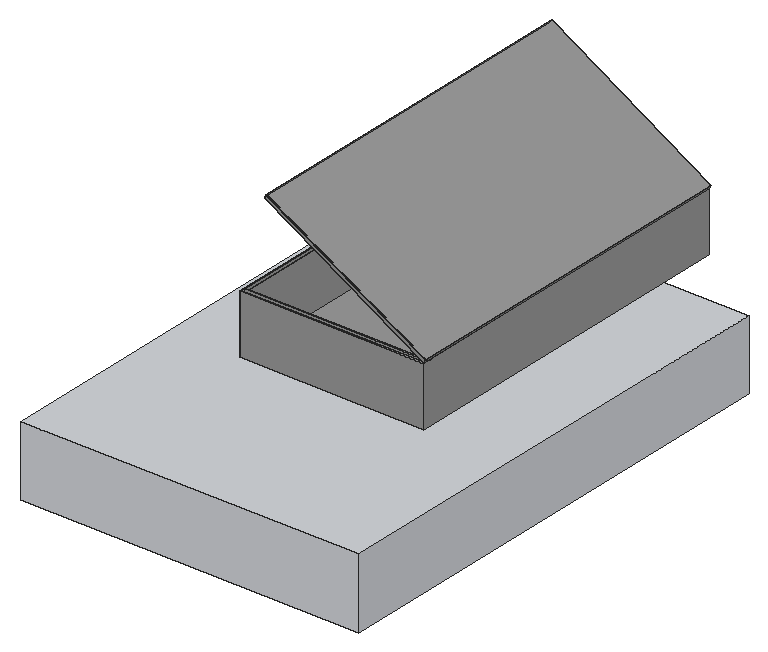
Revit family "Hager-Univers-IP55-D275-H1550-Cl.I-Steel_encl-SE-en", category Equipement électrique, Revit 2020
Family settings
  Hôte = Face
  Configuration du panneau = Deux colonnes, circuits au sein
  Cote de connecteur circulaire = Utiliser le diamètre
  Type d'élément = Tableau de raccordement
  Couper avec des vides une fois chargée = Non
  Partagée = Non
  Point de calcul de pièce = Non
Parameters (values of type "Surface mounted (plaster) IP55 W800 H1550 D275  - FR03E")
  Width Control [instance] = if([EF000008 - Width] > Min Width, [EF000008 - Width], Min Width)  # 800 mm
  Commentaires du type = [HG000003 - Range]  # "Univers"
  Thickness Door [instance] = if([EF009171 - Material plate thickness door/cover] > 3 mm, 3 mm, [EF009171 - Material plate thickness door/cover])  # 1.5 mm
  Seal Frame Offset [instance] = 17 mm  # constant formula
  Plinth Visibility [instance] = [HG000027 - Plinth height] > 0 mm  # no
  Model = ""
  Min Width [instance] = 100 mm  # constant formula
  Min Height [instance] = 100 mm  # constant formula
  Min Depth [instance] = (2 * [EF009170 - Material plate thickness cabinet]) + 1 mm  # 4 mm
  Internal Frame Depth [instance] = (Door System Depth * 0.5)  # 9 mm
  Height Control [instance] = if([EF000040 - Height] > Min Height, [EF000040 - Height], Min Height)  # 1550 mm
  HG000027 - Plinth height = 0 mm
  HG000026 - Floor standing = no
  HG000024 - Bottom section height = 800 mm
  HG000023 - Double section enclosure = no
  HG000016 - Door 3d visibility [instance] = yes
  HG000015 - Clearance visibility [instance] = no
  HG000014 - Door on the right [instance] = yes
  HG000013 - Door on the left [instance] = not([HG000014 - Door on the right])  # no
  HG000012 - Door swing angle [instance] = 30.00°
  HG000010 - Asymmetric doors = no
  HG000009 - Double swing door = no
  HG000006 - Flush mounted = no
  HG000004 - Manufacturer reference = "FR03E"
  HG000003 - Range = "Univers"
  HG000002 - With door or cover = yes
  Frame Offset Bottom [instance] = 10 mm  # constant formula
  Frame Offset [instance] = 15 mm  # constant formula
  EF015940 - Cover with overpressure release = no
  EF011959 - Degree of protection (NEMA) = ""
  EF009554 - Number of openings for flange plates = 6
  EF009212 - Cover model = "EV000116 - Closed"
  EF009171 - Material plate thickness door/cover = 1.5 mm
  EF009170 - Material plate thickness cabinet = 1.5 mm
  Fabricant = "Hager"  # constant formula
  EF008873 - Nominal current (In) = 800 A
  EF007800 - Suitable for lightning protection = no
  EF006306 - With lock = no
  EF006244 - Transparent cover/door = no
  EF005474 - Degree of protection (IP) = "EV006420 - IP55"
  EF004464 - Type of door = "EV002646 - Single"
  EF004427 - Number of modules = 360
  EF004293 - Impact strength = "EV008784 - IK10"
  EF003532 - Suitable for outdoor use = no
  EF002950 - Width in number of modular spacings = 24
  EF001613 - Circuit integrity = "EV000494 - None"
  EF001596 - Material housing = "EV000179 - Steel"
  EF001131 - Internal depth = 275 mm
  EF001088 - Extension possible = yes
  EF000437 - Number of conduit inlets = 6
  EF000339 - Type of cover = "EV004216 - Door"
  EF000266 - Number of rows = 10
  EF000218 - Built-in depth = 0 mm
  EF000118 - With mounting plate = no
  EF000116 - RAL-number = "7035"
  EF000049 - Depth = 275 mm
  EF000040 - Height = 1550 mm
  EF000008 - Width = 800 mm
  EF000007 - Colour = "EV000270 - Grey"
  EF000003 - Mounting method = "EV000384 - Surface mounted (plaster)"
  Door System Leaf Tolerance [instance] = 1.5 mm  # constant formula
  Door System Depth [instance] = 18 mm  # constant formula
  Door Height [instance] = Height Control - [HG000027 - Plinth height]  # 1550 mm
  Depth Control [instance] = if([EF000049 - Depth] > Min Depth, [EF000049 - Depth], Min Depth)  # 275 mm
  Default Elevation = 0 mm
  Connector Offset [instance] = Height Control / 2  # 775 mm
  Bottom Top Plate Trim [instance] = 1.5 mm  # constant formula
  Plinth height Ctrl [instance] = if([HG000027 - Plinth height] > 0 mm, [HG000027 - Plinth height], 12 mm)  # 12 mm
Types (5, lengths in mm): name | Width Control | HG000010 - Asymmetric doors | HG000009 - Double swing door | HG000004 - Manufacturer reference | EF009554 - Number of openings for flange plates | EF004464 - Type of door | EF004427 - Number of modules | EF000437 - Number of conduit inlets | EF000008 - Width
  Surface mounted (plaster) IP55 W1050 H1550 D275  - FR04E | 1050 | no | yes | "FR04E" | 8 | "EV003602 - Double" | 480 | 8 | 1050
  Surface mounted (plaster) IP55 W1300 H1550 D275  - FR05E | 1300 | yes | yes | "FR05E" | 10 | "EV003602 - Double" | 600 | 10 | 1300
  Surface mounted (plaster) IP55 W300 H1550 D275  - FR01E | 300 | no | no | "FR01E" | 2 | "EV002646 - Single" | 120 | 2 | 300
  Surface mounted (plaster) IP55 W550 H1550 D275  - FR02E | 550 | no | no | "FR02E" | 4 | "EV002646 - Single" | 240 | 4 | 550
  Surface mounted (plaster) IP55 W800 H1550 D275  - FR03E | 800 | no | no | "FR03E" | 6 | "EV002646 - Single" | 360 | 6 | 800
Reference planes
  plane 1 "Center (Front/Back)": y = 0
  plane 2: z = 0
  plane 3 "Center (Left/Right)": x = 0
  plane 4: z = 275
  plane 5: y = 1.5
  plane 6: y = 775
  plane 7: y = 0
  plane 8: y = 1550
  plane 9: z = 0
  plane 10: x = -385
  plane 11: x = 385
  plane 12: x = 383.5
  plane 13: x = -383.5
  plane 14: y = 1548.5
  plane 15: x = -383
  plane 16: x = -400
  plane 17: x = 383
  plane 18: x = 400
  plane 19: x = 398.5
  plane 20: x = -398.5
  plane 21: y = 11.5
  plane 22: y = 1550
  plane 23: y = 1533.5
  plane 24: z = 257
  plane 25: z = 1.5
  plane 26: z = 255.5
  plane 27: z = 273.5
Forms (mm)
  Extrusion 1, solid
    sketch origin (0, 0, 0) x (1, 0, 0) y (0, 1, 0)
      loop
        line (-702.964, 1305) -> (-702.964, -811.445) -> (766.763, -811.445) -> (766.763, 1305) -> (-702.964, 1305)
    from 0 to -304.8
  Extrusion 2, solid, material "Hager_Steel_RAL7035_Light_Grey", visible <- "Plinth Visibility", detail levels medium+fine
    sketch origin (0, 0, 0) x (1, 0, 0) y (0, 1, 0)
      loop
        line (-400, 0) -> (400, 0) -> (400, 12) -> (-400, 12) -> (-400, 0)
    from 0 to 257
  Extrusion 3, solid, material "Hager_Steel_RAL7035_Light_Grey", detail levels medium+fine
    sketch origin (0, 0, 0) x (1, 0, 0) y (0, 1, 0)
      loop
        line (-400, 0) -> (400, 0) -> (400, 1550) -> (-400, 1550) -> (-400, 0)
    from 0 to 257
  Extrusion 4, void
    sketch origin (0, 0, 0) x (1, 0, 0) y (0, 1, 0)
      loop
        line (-398.5, 1.5) -> (398.5, 1.5) -> (398.5, 1548.5) -> (-398.5, 1548.5) -> (-398.5, 1.5)
    from 1.5 to 255.5
  Extrusion 5, void
    sketch origin (-381.607, -4572, 257) x (0, -1, 0) y (-1, 0, 0)
      loop
        line (-4583.5, 1.893) -> (-6105.5, 1.893) -> (-6105.5, -765.107) -> (-4583.5, -765.107) -> (-4583.5, 1.893)
    from 0 to 1.5 <- "EF009170 - Material plate thickness cabinet"
  Extrusion 6, solid, material "Hager_Steel_RAL7035_Light_Grey", detail levels fine
    sketch origin (0, 0, 257) x (1, 0, 0) y (0, 1, 0)
      loop
        line (-383.5, 1533.5) -> (-383.5, 11.5) -> (383.5, 11.5) -> (383.5, 1533.5) -> (-383.5, 1533.5)
      loop
        line (-385, 10) -> (385, 10) -> (385, 1535) -> (-385, 1535) -> (-385, 10)
    from 0 to 9 <- "Internal Frame Depth"
  Extrusion 7, solid, material "Hager_Steel_RAL7035_Light_Grey", detail levels coarse
    sketch origin (0, 0, 0) x (1, 0, 0) y (0, 1, 0)
      loop
        line (-400, 0) -> (400, 0) -> (400, 1550) -> (-400, 1550) -> (-400, 0)
    from 0 to 275
  Sweep 8, void
    path in 3D
      loop
        line (-400, 12, 0) -> (400, 12, 0) -> (400, 12, 257) -> (-400, 12, 257) -> (-400, 12, 0)
    profile origin (-400, 12, 128.5) x (-1, 0, 0) y (0, -1, 0)
      loop
        line (0, 0) -> (0, 1.5) -> (-1.5, 1.5)
        arc (-1.5, 1.5) -> (-1.061, 0.439) -> (0, 0) r 1.5
Cuts and joins
  Extrusion 4, Extrusion 5 cuts Extrusion 3
  Sweep 8 cuts Extrusion 2
Lines and regions (mm)
  Masking region 1
    outline origin (0, 0, 0) x (1, 0, 0) y (0, 0, 1)
      loop
        line (-400, 275) -> (-400, 0) -> (400, 0) -> (400, 275) -> (-400, 275)
  Masking region 2, detail levels medium+fine
    outline origin (0, 140, 0) x (0, 1, 0) y (0, 0, 1)
      loop
        line (-140, 0) -> (1410, 0) -> (1410, 257) -> (-140, 257) -> (-140, 0)
  Masking region 3, not visible, detail levels medium+fine
    outline origin (0, 297.922, 0) x (0, 1, 0) y (0, 0, 1)
      loop
        line (488.578, 0) -> (528.578, 0) -> (528.578, 263.5)
        arc (528.578, 263.5) -> (525.649, 270.571) -> (518.578, 273.5) r 10
        line (518.578, 273.5) -> (488.578, 273.5) -> (488.578, 0)
  Masking region 4, detail levels coarse
    outline origin (0, 0, 180) x (0, 1, 0) y (0, 0, 1)
      loop
        line (0, -180) -> (1550, -180) -> (1550, 95) -> (0, 95) -> (0, -180)
  Masking region 5, visible <- "Plinth Visibility", detail levels medium+fine
    outline origin (0, 52.24, 12.345) x (0, 0, -1) y (0, 1, 0)
      loop
        line (10.845, -40.24) -> (-243.155, -40.24)
        arc (-243.155, -40.24) -> (-243.594, -41.301) -> (-244.655, -41.74) r 1.5
        line (-244.655, -41.74) -> (-244.655, -52.24) -> (12.345, -52.24) -> (12.345, -41.74)
        arc (12.345, -41.74) -> (11.285, -41.301) -> (10.845, -40.24) r 1.5
  Masking region 6, detail levels medium+fine
    outline origin (-381.607, -4572, 257) x (-1, 0, 0) y (0, -1, 0)
      loop
        line (18.393, -6122) -> (18.393, -4572) -> (-781.607, -4572) -> (-781.607, -6122) -> (18.393, -6122)
  Masking region 7, visible <- "Plinth Visibility", detail levels medium+fine
    outline origin (-381.607, -4727, 257) x (-1, 0, 0) y (0, -1, 0)
      loop
        arc (16.893, -4739) -> (17.332, -4737.939) -> (18.393, -4737.5) r 1.5
        line (18.393, -4737.5) -> (18.393, -4727) -> (-781.607, -4727) -> (-781.607, -4737.5)
        arc (-781.607, -4737.5) -> (-780.546, -4737.939) -> (-780.107, -4739) r 1.5
        line (-780.107, -4739) -> (16.893, -4739)
  Masking region 8, detail levels coarse
    outline origin (-442.548, -4669.526, 257) x (-1, 0, 0) y (0, -1, 0)
      loop
        line (-42.548, -6219.526) -> (-42.548, -4669.526) -> (-842.548, -4669.526) -> (-842.548, -6219.526) -> (-42.548, -6219.526)
  sketch lines
    curve 1: line (-400, 12, 257) -> (-400, 12, 0)
    curve 2: line (400, 12, 257) -> (-400, 12, 257)
    curve 3: line (400, 12, 257) -> (400, 12, 0)
    curve 4: line (-400, 12, 0) -> (400, 12, 0)
Dimensions and locks
  "Depth Control": plane 4 to Extrusion 1
  "HG000027 - Plinth height": plane 1 "Center (Front/Back)" to plane 7
  "EF009170 - Material plate thickness cabinet": plane 5 to plane 7
  locked: connector elem to plane 3 "Center (Left/Right)"
  equal spacing: plane 8, plane 6, plane 7
  locked: connector elem to plane 6
  "EF009170 - Material plate thickness cabinet": plane 8 to plane 14
  "EF009170 - Material plate thickness cabinet": plane 10 to plane 13
  "EF009170 - Material plate thickness cabinet": plane 12 to plane 11
  "Frame Offset": plane 20 to plane 13
  "Frame Offset": plane 12 to plane 19
  "EF009170 - Material plate thickness cabinet": plane 16 to plane 20
  "EF009170 - Material plate thickness cabinet": plane 19 to plane 18
  "Seal Frame Offset": plane 16 to plane 15
  "Seal Frame Offset": plane 17 to plane 18
  "Frame Offset Bottom": plane 21 to plane 5
  "Frame Offset": plane 14 to plane 23
  equal spacing: plane 16, plane 3 "Center (Left/Right)", plane 18
  "Width Control": plane 16 to plane 18
  "EF009170 - Material plate thickness cabinet": plane 4 to plane 27
  "EF009170 - Material plate thickness cabinet": plane 24 to plane 26
  "EF009170 - Material plate thickness cabinet": plane 25 to level
  "Door System Depth": plane 4 to plane 24
  "Height Control": plane 1 "Center (Front/Back)" to Extrusion 7 sketch curve
  "Height Control": Masking region 4 sketch curve to plane 1 "Center (Front/Back)"
  "Height Control": plane 1 "Center (Front/Back)" to plane 22
  "Bottom Top Plate Trim": profile plane to Sweep 8 sketch curve
  "Bottom Top Plate Trim": Sweep 8 sketch curve to profile plane
  "Plinth height Ctrl": plane 1 "Center (Front/Back)" to Extrusion 2 sketch curve
  "Plinth height Ctrl": Masking region 5 sketch curve to plane 1 "Center (Front/Back)"
  "Plinth height Ctrl": plane 1 "Center (Front/Back)" to Masking region 7 sketch curve
  "Thickness Door": Extrusion 6 sketch curve to Extrusion 6 sketch curve  (x3)
  "Thickness Door": cut or joined group of Extrusion 3, Extrusion 4, Extrusion 5 to Extrusion 6 sketch curve
  radius of Masking region 3 sketch curve = 10 mm
  "Bottom Top Plate Trim": radius of Masking region 5 sketch curve  (x2)
  "Bottom Top Plate Trim": radius of Sweep 8 sketch curve
  "Bottom Top Plate Trim": radius of Masking region 7 sketch curve  (x2)
  aligned and locked: plane 2 to Extrusion 1
  aligned and locked: level to Extrusion 1
  aligned and locked: level to Masking region 1 sketch curve
  aligned and locked: Masking region 1 sketch curve to plane 18
  aligned and locked: Masking region 1 sketch curve to plane 16
  aligned and locked: plane 7 to Masking region 2 sketch curve
  aligned and locked: level to Masking region 3 sketch curve
  aligned and locked: Masking region 3 sketch curve to plane 27
  aligned and locked: level to Masking region 2 sketch curve
  aligned and locked: plane 1 "Center (Front/Back)" to Extrusion 2 sketch curve
  aligned and locked: Extrusion 3 sketch curve to plane 7
  aligned and locked: plane 16 to Extrusion 3 sketch curve
  aligned and locked: plane 18 to Extrusion 3 sketch curve
  aligned and locked: plane 20 to Extrusion 4 sketch curve
  aligned and locked: plane 19 to Extrusion 4 sketch curve
  aligned and locked: Extrusion 4 sketch curve to plane 5
  aligned and locked: Extrusion 4 to plane 25
  aligned and locked: plane 26 to Extrusion 4
  aligned and locked: plane 24 to Extrusion 3
  aligned and locked: Extrusion 5 sketch curve to plane 21
  aligned and locked: Extrusion 5 sketch curve to plane 13
  aligned and locked: Extrusion 5 sketch curve to plane 12
  aligned and locked: plane 18 to Extrusion 7 sketch curve
  aligned and locked: plane 1 "Center (Front/Back)" to Extrusion 7 sketch curve
  aligned and locked: plane 16 to Extrusion 7 sketch curve
  aligned and locked: plane 4 to Extrusion 7
  aligned and locked: Extrusion 7 to level
  aligned and locked: level to Masking region 4 sketch curve
  aligned and locked: Masking region 4 sketch curve to plane 1 "Center (Front/Back)"
  aligned and locked: Masking region 4 sketch curve to plane 4
  aligned and locked: nested 1 to level
  aligned and locked: nested 1 to plane 16
  aligned and locked: plane 8 to Extrusion 3 sketch curve
  aligned and locked: plane 23 to Extrusion 5 sketch curve
  aligned and locked: plane 14 to Extrusion 4 sketch curve
  aligned and locked: Masking region 2 sketch curve to plane 8
  aligned and locked: level to Masking region 5 sketch curve
  aligned and locked: plane 16 to Extrusion 2 sketch curve
  aligned and locked: plane 18 to Extrusion 2 sketch curve
  aligned and locked: Masking region 5 sketch curve to plane 24
  aligned and locked: Masking region 2 sketch curve to plane 24
  aligned and locked: plane 24 to Extrusion 2
  aligned and locked: profile plane to Sweep 8 sketch curve  (x2)
  aligned and locked: Masking region 6 sketch curve to plane 18
  aligned and locked: Masking region 6 sketch curve to plane 22
  aligned and locked: Masking region 6 sketch curve to plane 16
  aligned and locked: plane 8 to plane 22
  aligned and locked: Masking region 6 sketch curve to plane 7
  aligned and locked: Masking region 7 sketch curve to plane 16
  aligned and locked: Masking region 7 sketch curve to plane 1 "Center (Front/Back)"
  aligned and locked: Masking region 7 sketch curve to plane 18
  aligned and locked: Masking region 8 sketch curve to plane 1 "Center (Front/Back)"
  aligned and locked: Masking region 8 sketch curve to plane 18
  aligned and locked: Masking region 8 sketch curve to plane 22
  aligned and locked: Masking region 8 sketch curve to plane 16
  aligned and locked: nested 2 to plane 7
  aligned and locked: plane 3 "Center (Left/Right)" to nested 2
  aligned and locked: nested 2 to plane 24
  aligned and locked: Extrusion 6 sketch curve to cut or joined group of Extrusion 3, Extrusion 4, Extrusion 5  (x4)
Automatic sketch dimensions
  Extrusion 1 sketch curve to Extrusion 1 sketch curve = 1469.727 mm
  Extrusion 1 sketch curve to Extrusion 1 sketch curve = 2116.445 mm
  Masking region 1 sketch curve to plane 4 = 0 mm
  plane 6 to Masking region 3 sketch curve = 11.5 mm
  Masking region 3 sketch curve to Masking region 3 sketch curve = 30 mm
  Masking region 5 sketch curve to plane 1 "Center (Front/Back)" = 0 mm
Nested families
  nested 1: "Hager_Enclosure_Symbol" at (-400, 0, 0) x (1, 0, 0) z (0, -1, 0), Height <- "Depth Control", Width <- "Width Control", type "Hager_Enclosure_Symbol"
    with Width_Ctrl 800 mm, Width 800 mm, Height_Ctrl 275 mm, Height 275 mm, A_Width_Int 18.047 mm, A_Width 216.562 mm, A_Height_Ctrl 240.625 mm, A_Height 240.625 mm
  nested 2: "EC000058_Univers_Door" at (0, 0, 257) x (1, 0, 0) z (0, 1, 0), Leaf_Tolerance <- "Door System Leaf Tolerance", Angle <- "HG000012 - Door swing angle", Door_Depth <- "Door System Depth", Door_Left <- "HG000013 - Door on the left", Transparent <- "EF006244 - Transparent cover/door", Assymetrical <- "HG000010 - Asymmetric doors", Width <- "Width Control", Clearance <- "HG000015 - Clearance visibility", Double <- "HG000009 - Double swing door", 3d_Door <- "HG000016 - Door 3d visibility", Lock_Visibility <- "EF006306 - With lock", Width_Ctrl <- "Width Control", Door_Right <- "HG000014 - Door on the right", Door <- "HG000002 - With door or cover", Height <- "Door Height", Thickness <- "Thickness Door", type "EC000058_Univers_Door", detail levels medium+fine
    with min_wh 4 mm, Width_Ctrl 800 mm, Width 800 mm, Transparent no, Thickness 1.5 mm, Seal_Material Hager_Rubber, Lock_Visibility no, Lock_Material Hager_Plastic_RAL9005_Jet_Black, Leaf_Width 800 mm, Leaf_Tolerance_External_Sides 0 mm, Leaf_Tolerance 1.5 mm, Leaf_Offset 0 mm, Leaf_Height 1547 mm, Leaf_2_Width 800 mm, Leaf_2_Offset 400 mm, Leaf_1_Width 800 mm, Leaf_1_Offset 400 mm, Height_Ctrl 1550 mm, Height 1550 mm, Glass_Material Hager_Glass, Double_Clearance_Ctrl no, Double no, Door_Right_Ctrl yes, Door_Right yes, Door_Material Hager_Steel_RAL7035_Light_Grey, Door_Left_Ctrl no, Door_Left no, Door_Depth 18 mm, Door yes, Clearance_Material Hager_Clearance, Clearance_Depth 800 mm, Clearance_Ctrl no, Clearance no, Assymetrical no, Angle 30.00°, 3d_Door yes
Connectors
  electrical at (0, 775, 0)
    settings: on plane 9, index 1, voltage 0 V, apparent load 0 VA, apparent load phase1 0 VA, apparent load phase2 0 VA, apparent load phase3 0 VA, power factor 1, load classification "Other", number of poles 1, system type 30, power factor state 1, is connector primary yes, connector utility no, sub classification motor no, connector description ""
Definition of nested family "EC000058_Univers_Door"
  Parameters (values of type "EC000058_Univers_Door")
    min_wh [instance] = (2 * Thickness) + 1 mm  # 11 mm
    Width_Ctrl [instance] = 400 mm
    Width [instance] = 500 mm
    Transparent [instance] = yes
    Thickness [instance] = 5 mm
    Seal_Material [instance] = none
    Lock_Visibility [instance] = yes
    Lock_Material [instance] = none
    Leaf_Width [instance] = if((Width_Ctrl - 2 * Leaf_Tolerance_External_Sides) > 0 mm, (Width_Ctrl - 2 * Leaf_Tolerance_External_Sides), min_wh)  # 400 mm
    Leaf_Tolerance_External_Sides [instance] = 0 mm  # constant formula
    Leaf_Tolerance [instance] = 1.5 mm
    Leaf_Offset [instance] = 0 mm  # constant formula
    Leaf_Height [instance] = if((Height_Ctrl - 2 * Leaf_Tolerance) > 0 mm, (Height_Ctrl - 2 * Leaf_Tolerance), min_wh)  # 497 mm
    Leaf_2_Width [instance] = if(and(and(Double, Assymetrical), Door_Left), (Leaf_Width / 3) - (Leaf_Tolerance / 2), if(and(and(Double, Assymetrical), Door_Right), (Leaf_Width / 3) * 2 - (Leaf_Tolerance / 2), if(and(Double, not(Assymetrical)), (Leaf_Width / 2) - Leaf_Tolerance, Leaf_Width)))  # 400 mm
    Leaf_2_Offset [instance] = if(and(Double, Assymetrical), Leaf_2_Width / 2, if(and(Double, not(Assymetrical)), Leaf_Width / 4, Leaf_Width / 2))  # 200 mm
    Leaf_1_Width [instance] = if(and(and(Double, Assymetrical), Door_Right), (Leaf_Width / 3) - (Leaf_Tolerance / 2), if(and(and(Double, Assymetrical), Door_Left), (Width / 3) * 2 - (Leaf_Tolerance / 2), if(and(Double, not(Assymetrical)), (Leaf_Width / 2) - Leaf_Tolerance, Leaf_Width)))  # 400 mm
    Leaf_1_Offset [instance] = if(and(Double, Assymetrical), Leaf_1_Width / 2, if(and(Double, not(Assymetrical)), Leaf_Width / 4, Leaf_Width / 2))  # 200 mm
    Height_Ctrl [instance] = if(Height > min_wh, Height, min_wh)  # 500 mm
    Height [instance] = 500 mm
    Glass_Material [instance] = none
    Double_Clearance_Ctrl [instance] = and(Double, Clearance)  # no
    Double [instance] = no
    Door_Right_Ctrl [instance] = and(or(Door_Right, Double), Door)  # yes
    Door_Right [instance] = yes
    Door_Material [instance] = none
    Door_Left_Ctrl [instance] = and(or(Door_Left, Double), Door)  # no
    Door_Left [instance] = no
    Door_Depth [instance] = 30 mm
    Door [instance] = yes
    Default Elevation = 1219.2 mm
    Clearance_Material [instance] = none
    Clearance_Depth [instance] = if(Leaf_1_Width > Leaf_2_Width, Leaf_1_Width, Leaf_2_Width)  # 400 mm
    Clearance_Ctrl [instance] = and(not(Double), Clearance)  # yes
    Clearance [instance] = yes
    Assymetrical [instance] = yes
    Angle [instance] = 30.00°
    3d_Door [instance] = yes
  Reference planes
    plane 1 "Center (Front/Back)": y = 0
    plane 2 "Bottom": z = 0
    plane 3 "Center (Left/Right)": x = 0
    plane 4: z = 500
    plane 5: x = -200
    plane 6: x = 200
    plane 7: z = 500
    plane 8: x = -200
    plane 9: z = 0
    plane 10: x = 200
    plane 11: y = 0
    plane 12: z = 1.5
    plane 13: x = -600
    plane 14: y = -400
    plane 15: x = 600
    plane 16: x = 0
    plane 17: x = 0
    plane 18: x = -200
    plane 19: x = 200
    plane 20: z = 498.5
  Forms (mm)
    Extrusion 1, solid, material <- "Clearance_Material", visible <- "Double_Clearance_Ctrl"
      sketch origin (1200, 0, 0) x (1, 0, 0) y (0, 0, -1)
        loop
          line (-1800, -498.5) -> (-600, -498.5) -> (-600, 0) -> (-1800, 0) -> (-1800, -498.5)
      from 0 to -400
  Dimensions and locks
    equal spacing: plane 5, plane 3 "Center (Left/Right)", plane 6
    "Width_Ctrl": plane 5 to plane 6
    "Leaf_Offset": plane 5 to plane 8
    "Leaf_Offset": plane 6 to plane 10
    "Leaf_Offset": plane 9 to level
    "Leaf_Offset": plane 4 to plane 7
    "Height_Ctrl": plane 4 to level
    "Leaf_Tolerance": plane 12 to plane 9
    locked: plane 11 to plane 1 "Center (Front/Back)"
    "Leaf_1_Offset": plane 18 to plane 16
    "Leaf_2_Offset": plane 17 to plane 19
    "Leaf_1_Width": plane 13 to plane 8
    "Leaf_2_Width": plane 10 to plane 15
    "Clearance_Depth": plane 14 to plane 1 "Center (Front/Back)"
    "Leaf_Tolerance_External_Sides": plane 8 to plane 18
    "Leaf_Tolerance_External_Sides": plane 19 to plane 10
    "Leaf_Tolerance": plane 7 to plane 20
    aligned and locked: level to plane 2 "Bottom"
    aligned and locked: nested 1 to plane 16
    aligned and locked: nested 2 to plane 17
    aligned and locked: Extrusion 1 to plane 13
    aligned and locked: plane 15 to Extrusion 1
    aligned and locked: Extrusion 1 to plane 14
    aligned and locked: plane 12 to nested 1
    aligned and locked: nested 2 to plane 12
    aligned and locked: Extrusion 1 to plane 11
    aligned and locked: plane 20 to Extrusion 1
    aligned and locked: nested 2 to plane 11
    aligned and locked: nested 1 to plane 11
  Automatic sketch dimensions
    Extrusion 1 sketch curve to level = 0 mm
    plane 5 to Extrusion 1 sketch curve = 400 mm
    plane 6 to Extrusion 1 sketch curve = 400 mm
    Extrusion 1 sketch curve to plane 4 = 1.5 mm
  Nested families
    nested 1: "EC000058_Univers_Door_Leaf" at (0, 0, 1.5), Width <- "Leaf_1_Width", visible <- "Door_Left_Ctrl", Leaf_Height <- "Leaf_Height", Angle <- "Angle", 3d_Door <- "3d_Door", Transparent <- "Transparent", Clearance Material <- "Clearance_Material", Clearance <- "Clearance_Ctrl", Door_Material <- "Door_Material", Glass_Material <- "Glass_Material", Door_Depth <- "Door_Depth", Lock_Material <- "Lock_Material", Seal_Material <- "Seal_Material", Lock_Visibility <- "Lock_Visibility", Thickness <- "Thickness", type "EC000058_Univers_Door_Leaf"
      with Width 400 mm, Transparent_Glass_Offset 30 mm, Transparent_Ctrl yes, Transparent yes, Thickness 5 mm, Standard no, Seal_Material none, Seal_D2 8 mm, Seal_D1 1 mm, Offset_Internal_Frame 10 mm, Lock_Width 20 mm, Lock_Visibility_3d yes, Lock_Visibility yes, Lock_Thickness_3 3 mm, Lock_Thickness_2 1 mm, Lock_Thickness_1 3 mm, Lock_Radius_Offset_2 16 mm, Lock_Radius_Offset_1 15 mm, Lock_Radius_2 5 mm, Lock_Radius 6 mm, Lock_Offset 5 mm, Lock_Material none, Lock_Height 80 mm, Lock_Cover_Top_Offset_2d 17 mm, Lock_Cover_Height -65 mm, Leaf_Height 497 mm, Internal_Seal_Thickness 8 mm, Internal_Seal_Depth_2 4.5 mm, Internal_Frame_Depth 25 mm, Glass_Thickness -1 mm, Glass_Offset -2 mm, Glass_Material none, Door_Material none, Door_Depth 30 mm, Clearance Material none, Clearance yes, Angle_Ctrl 30.00°, Angle 30.00°, 3d_Door yes
    nested 2: "EC000058_Univers_Door_Leaf" at (0, 0, 1.5) x (-1, 0, 0) z (0, 0, 1), Width <- "Leaf_2_Width", visible <- "Door_Right_Ctrl", Leaf_Height <- "Leaf_Height", Angle <- "Angle", 3d_Door <- "3d_Door", Transparent <- "Transparent", Clearance Material <- "Clearance_Material", Clearance <- "Clearance_Ctrl", Door_Material <- "Door_Material", Glass_Material <- "Glass_Material", Door_Depth <- "Door_Depth", Lock_Material <- "Lock_Material", Seal_Material <- "Seal_Material", Lock_Visibility <- "Lock_Visibility", Thickness <- "Thickness", type "EC000058_Univers_Door_Leaf"
      with Width 400 mm, Transparent_Glass_Offset 30 mm, Transparent_Ctrl yes, Transparent yes, Thickness 5 mm, Standard no, Seal_Material none, Seal_D2 8 mm, Seal_D1 1 mm, Offset_Internal_Frame 10 mm, Lock_Width 20 mm, Lock_Visibility_3d yes, Lock_Visibility yes, Lock_Thickness_3 3 mm, Lock_Thickness_2 1 mm, Lock_Thickness_1 3 mm, Lock_Radius_Offset_2 16 mm, Lock_Radius_Offset_1 15 mm, Lock_Radius_2 5 mm, Lock_Radius 6 mm, Lock_Offset 5 mm, Lock_Material none, Lock_Height 80 mm, Lock_Cover_Top_Offset_2d 17 mm, Lock_Cover_Height -65 mm, Leaf_Height 497 mm, Internal_Seal_Thickness 8 mm, Internal_Seal_Depth_2 4.5 mm, Internal_Frame_Depth 25 mm, Glass_Thickness -1 mm, Glass_Offset -2 mm, Glass_Material none, Door_Material none, Door_Depth 30 mm, Clearance Material none, Clearance yes, Angle_Ctrl 30.00°, Angle 30.00°, 3d_Door yes
  Definition of nested family "EC000058_Univers_Door_Leaf"
    Parameters (values of type "EC000058_Univers_Door_Leaf")
      Width [instance] = 2000 mm
      Transparent_Glass_Offset [instance] = 30 mm
      Transparent_Ctrl [instance] = and(Transparent, [3d_Door])  # yes
      Transparent [instance] = yes
      Thickness [instance] = 5 mm
      Standard [instance] = and(not(Transparent), [3d_Door])  # no
      Seal_Material [instance] = none
      Seal_D2 [instance] = 8 mm  # constant formula
      Seal_D1 [instance] = 1 mm  # constant formula
      Offset_Internal_Frame [instance] = 10 mm  # constant formula
      Lock_Width [instance] = 20 mm  # constant formula
      Lock_Visibility_3d [instance] = and(Lock_Visibility, [3d_Door])  # yes
      Lock_Visibility [instance] = yes
      Lock_Thickness_3 [instance] = 3 mm  # constant formula
      Lock_Thickness_2 [instance] = 1 mm  # constant formula
      Lock_Thickness_1 [instance] = 3 mm  # constant formula
      Lock_Radius_Offset_2 [instance] = Lock_Radius_Offset_1 + 1 mm  # 16 mm
      Lock_Radius_Offset_1 [instance] = 15 mm  # constant formula
      Lock_Radius_2 [instance] = Lock_Radius - 1 mm  # 5 mm
      Lock_Radius [instance] = 6 mm  # constant formula
      Lock_Offset [instance] = 5 mm  # constant formula
      Lock_Material [instance] = none
      Lock_Height [instance] = 80 mm  # constant formula
      Lock_Cover_Top_Offset_2d [instance] = Lock_Radius_Offset_2 + 1 mm  # 17 mm
      Lock_Cover_Height [instance] = -(Lock_Height - Lock_Radius_Offset_1)  # -65 mm
      Leaf_Height [instance] = 2720.336 mm
      Internal_Seal_Thickness [instance] = 8 mm  # constant formula
      Internal_Seal_Depth_2 [instance] = 4.5 mm  # constant formula
      Internal_Frame_Depth [instance] = if(Door_Depth - Thickness > 5 mm, Door_Depth - Thickness, 5 mm)  # 25 mm
      Glass_Thickness [instance] = if(Thickness > 15 mm, Glass_Offset + 10 mm, -1 mm)  # -1 mm
      Glass_Offset [instance] = if(Thickness > 15 mm, -(Thickness + 10 mm) / 2, -2 mm)  # -2 mm
      Glass_Material [instance] = none
      Door_Material [instance] = none
      Door_Depth [instance] = 30 mm
      Default Elevation = 0 mm
      Clearance Material [instance] = none
      Clearance [instance] = yes
      Angle_Ctrl [instance] = if(Angle > 180.00°, 180.00°, Angle)  # 90.00°
      Angle [instance] = 90.00°
      3d_Door [instance] = yes
    Reference planes
      plane 1 "Center (Front/Back)": y = 0
      plane 2: z = 0
      plane 3 "Center (Left/Right)": x = 0
      plane 4: y = 2000
      plane 5: x = -1000
      plane 6: x = 1000
      plane 7: x = -3000
      plane 8: z = 2720.336
      plane 9: z = 30
      plane 10: z = 2690.336
      plane 11: x = 970
      plane 12: x = -970
      plane 13: y = -3
      plane 14: z = 107.833
      plane 15: y = -5
      plane 16: y = -223.314
      plane 17: x = -1000
      plane 18: z = 1360.168
      plane 19: y = 30
    Forms (mm)
      Extrusion 1, solid, material <- "Clearance Material", visible <- "Clearance"
        sketch origin (0, 0, 0) x (1, 0, 0) y (0, 0, 1)
          loop
            line (-3000, 2720.336) -> (-3000, 0) -> (1000, 0) -> (1000, 2720.336) -> (-3000, 2720.336)
        from 0 to -2000
      Extrusion 2, solid, material <- "Door_Material", visible <- "Standard", detail levels medium+fine
        sketch origin (-1000, 0, 0) x (0, 1, 0) y (-1, 0, 0)
          loop
            line (0, 30) -> (0, 25) -> (2000, 25) -> (2000, 30) -> (0, 30)
        from 0 to 2720.336 <- "Leaf_Height"
      Extrusion 3, solid, material <- "Door_Material", visible <- "Transparent_Ctrl", detail levels medium+fine
        sketch origin (-1000, 0, 0) x (0, 1, 0) y (-1, 0, 0)
          loop
            line (0, 25) -> (2000, 25) -> (2000, 30) -> (0, 30) -> (0, 25)
        from 0 to 2720.336 <- "Leaf_Height"
      Extrusion 4, void
        sketch origin (-1025, 2000, 0) x (0, 1, 0) y (0, 0, -1)
          loop
            line (-30, -2690.336) -> (-30, -30) -> (-1970, -30) -> (-1970, -2690.336) -> (-30, -2690.336)
        from 0 to 5 <- "Thickness"
      Sweep 5, solid, material <- "Seal_Material", visible <- "Transparent_Ctrl", detail levels fine
        path in 3D
          loop
            line (-1025, 30, 30) -> (-1025, 30, 2690.336) -> (-1025, 1970, 2690.336) -> (-1025, 1970, 30) -> (-1025, 30, 30)
        profile origin (-1025, 1000, 30) x (1, 0, 0) y (0, 0, 1)
          loop
            line (0, 0) -> (0, -8) -> (1, -8) -> (1, 0) -> (0, 0)
      Extrusion 6, solid, material <- "Glass_Material", visible <- "Transparent_Ctrl", detail levels medium+fine
        sketch origin (-1030, 0, 0) x (0, 1, 0) y (0, 0, -1)
          loop
            line (1970, -2690.336) -> (1970, -30) -> (30, -30) -> (30, -2690.336) -> (1970, -2690.336)
        from -2 <- "Glass_Offset" to -1 <- "Glass_Thickness"
      Extrusion 7, solid, material <- "Door_Material", visible <- "3d_Door", detail levels medium+fine
        sketch origin (-1025, 2000, 0) x (0, -1, 0) y (0, 0, -1)
          loop
            line (0, -2720.336) -> (2000, -2720.336) -> (2000, 0) -> (0, 0) -> (0, -2720.336)
          loop
            line (1995, -5) -> (5, -5) -> (5, -2715.336) -> (1995, -2715.336) -> (1995, -5)
        from 0 to 25 <- "Internal_Frame_Depth"
      Sweep 8, solid, material <- "Seal_Material", visible <- "Transparent_Ctrl", detail levels fine
        path in 3D
          loop
            line (-1025, 0, 0) -> (-1025, 2000, 0) -> (-1025, 2000, 2720.336) -> (-1025, 0, 2720.336) -> (-1025, 0, 0)
        profile origin (-1025, 0, 1360.168) x (1, 0, 0) y (0, 1, 0)
          loop
            line (0, 10) -> (2.975, 10)
            arc (2.975, 10) -> (4.053, 10.447) -> (4.5, 11.525) r 1.525
            line (4.5, 11.525) -> (4.5, 16.527)
            arc (4.5, 16.527) -> (4.069, 17.569) -> (3.027, 18) r 1.473
            line (3.027, 18) -> (0, 18) -> (0, 10)
      Extrusion 9, solid, material <- "Lock_Material", visible <- "Lock_Visibility_3d", detail levels fine
        sketch origin (-1030, 0, 0) x (0, 1, 0) y (0, 0, -1)
          loop
            arc (1993.5, -1400.168) -> (1994.561, -1399.729) -> (1995, -1398.668) r 1.5
            line (1995, -1398.668) -> (1995, -1320.168) -> (1975, -1320.168) -> (1975, -1398.668)
            arc (1975, -1398.668) -> (1975.439, -1399.729) -> (1976.5, -1400.168) r 1.5
            line (1976.5, -1400.168) -> (1993.5, -1400.168)
        from 3 <- "Lock_Thickness_1" to 0
      Blend 10, solid, material <- "Lock_Material", visible <- "Lock_Visibility_3d", detail levels fine
        base sketch origin (-1033, 0, 0) x (0, 1, 0) y (0, 0, -1)
          loop
            line (1975, -1320.168) -> (1975, -1398.668)
            arc (1975, -1398.668) -> (1975.439, -1399.729) -> (1976.5, -1400.168) r 1.5
            line (1976.5, -1400.168) -> (1993.5, -1400.168)
            arc (1993.5, -1400.168) -> (1994.561, -1399.729) -> (1995, -1398.668) r 1.5
            line (1995, -1398.668) -> (1995, -1320.168) -> (1975, -1320.168)
        top sketch origin (-1033, 0, 0) x (0, 1, 0) y (0, 0, -1)
          loop
            line (1976, -1320.168) -> (1976, -1398.668)
            arc (1976, -1398.668) -> (1976.146, -1399.022) -> (1976.5, -1399.168) r 0.5
            line (1976.5, -1399.168) -> (1993.5, -1399.168)
            arc (1993.5, -1399.168) -> (1993.854, -1399.022) -> (1994, -1398.668) r 0.5
            line (1994, -1398.668) -> (1994, -1320.168) -> (1976, -1320.168)
        from 0 to 1 <- "Lock_Thickness_2"
      Blend 11, solid, material <- "Lock_Material", visible <- "Lock_Visibility_3d", detail levels fine
        base sketch origin (-1034, 0, 0) x (0, 1, 0) y (0, 0, -1)
          loop
            line (1978, -1320.168) -> (1978, -1384.168)
            arc (1978, -1384.168) -> (1985, -1391.168) -> (1992, -1384.168) r 7
            line (1992, -1384.168) -> (1992, -1320.168) -> (1978, -1320.168)
        top sketch origin (-1034, 0, 0) x (0, 1, 0) y (0, 0, -1)
          loop
            line (1991, -1320.168) -> (1979, -1320.168) -> (1979, -1383.168)
            arc (1979, -1383.168) -> (1985, -1389.168) -> (1991, -1383.168) r 6
            line (1991, -1383.168) -> (1991, -1320.168)
        from 0 to 3 <- "Lock_Thickness_3"
      Extrusion 12, solid, material <- "Lock_Material", visible <- "Lock_Visibility_3d", detail levels fine
        sketch origin (-1030, 1975, 1320.168) x (1, 0, 0) y (0, -1, 0)
          loop
            line (-7, -19) -> (-7, -1) -> (0, -1) -> (0, 0) -> (-8, 0) -> (-8, -20) -> (0, -20) -> (0, -19) -> (-7, -19)
        from 0 to -65 <- "Lock_Cover_Height"
      Extrusion 13, void
        sketch origin (-1038, 1995, 1320.168) x (-1, 0, 0) y (0, 0, -1)
          loop
            line (-5, -65) -> (0, -65) -> (-5, -60) -> (-5, -65)
        from 0 to 20 <- "Lock_Width"
      Extrusion 14, void
        sketch origin (-1038, 1975, 1320.168) x (0, -1, 0) y (0, 0, -1)
          loop
            circle (-10, -15.995) r 6
          loop
            circle (-10, -15.995) r 5
        from 0 to 2
      Extrusion 15, solid, material <- "Lock_Material", visible <- "Lock_Visibility_3d", detail levels medium
        sketch origin (-1030, 0, 0) x (0, 1, 0) y (0, 0, -1)
          loop
            arc (1993.5, -1400.168) -> (1994.561, -1399.729) -> (1995, -1398.668) r 1.5
            line (1995, -1398.668) -> (1995, -1320.168) -> (1975, -1320.168) -> (1975, -1398.668)
            arc (1975, -1398.668) -> (1975.439, -1399.729) -> (1976.5, -1400.168) r 1.5
            line (1976.5, -1400.168) -> (1993.5, -1400.168)
        from 8 to 0
    Cuts and joins
      Extrusion 4 cuts Extrusion 3
      Extrusion 13, Extrusion 14 cuts Extrusion 9
      Extrusion 14 cuts Blend 11
      Extrusion 13, Extrusion 14 cuts Extrusion 12
      joined: Extrusion 9, Blend 10, Blend 11, Extrusion 12
      Extrusion 14 cuts Extrusion 15
    Lines and regions (mm)
      Masking region 1, visible <- "Lock_Visibility", detail levels fine
        outline origin (0, 0, 0) x (0, 1, 0) y (0, 0, 1)
          loop
            line (30, 1320.168) -> (33, 1320.168) -> (33, 1400.168) -> (30, 1400.168) -> (30, 1320.168)
      Masking region 2, visible <- "Lock_Visibility", detail levels fine
        outline origin (0, 3.143, 0) x (0, 1, 0) y (0, 0, 1)
          loop
            line (29.857, 1354.168) -> (30.857, 1354.168) -> (30.857, 1366.168) -> (29.857, 1366.168) -> (29.857, 1354.168)
      Masking region 3, detail levels medium+fine
        outline origin (0, 0, 0) x (0, 1, 0) y (0, 0, 1)
          loop
            line (0, 0) -> (30, 0) -> (30, 2720.336) -> (0, 2720.336) -> (0, 0)
      Masking region 4, detail levels medium+fine
        outline origin (0, 0, 0) x (1, 0, 0) y (0, 0, 1)
          loop
            line (-1000, 2720.336) -> (-1000, 0) -> (1000, 0) -> (1000, 2720.336) -> (-1000, 2720.336)
      Masking region 5, visible <- "Lock_Visibility", detail levels fine
        outline origin (-47.116, 0, 0) x (1, 0, 0) y (0, 0, 1)
          loop
            arc (1024.616, 1399.168) -> (1023.556, 1398.729) -> (1023.116, 1397.668) r 1.5
            line (1023.116, 1397.668) -> (1023.116, 1320.168) -> (1041.116, 1320.168) -> (1041.116, 1397.668)
            arc (1041.116, 1397.668) -> (1040.677, 1398.729) -> (1039.616, 1399.168) r 1.5
            line (1039.616, 1399.168) -> (1024.616, 1399.168)
      Masking region 6, visible <- "Lock_Visibility", detail levels medium+fine
        outline origin (-25, 0, 0) x (1, 0, 0) y (0, 0, 1)
          loop
            arc (1001.5, 1400.168) -> (1000.439, 1399.729) -> (1000, 1398.668) r 1.5
            line (1000, 1398.668) -> (1000, 1320.168) -> (1020, 1320.168) -> (1020, 1398.668)
            arc (1020, 1398.668) -> (1019.561, 1399.729) -> (1018.5, 1400.168) r 1.5
            line (1018.5, 1400.168) -> (1001.5, 1400.168)
      Masking region 7, visible <- "Lock_Visibility", detail levels fine
        outline origin (-73.735, 0, 0) x (1, 0, 0) y (0, 0, 1)
          loop
            line (1051.735, 1382.168) -> (1065.735, 1382.168) -> (1065.735, 1384.168)
            arc (1065.735, 1384.168) -> (1058.735, 1391.168) -> (1051.735, 1384.168) r 7
            line (1051.735, 1384.168) -> (1051.735, 1382.168)
      Masking region 8, visible <- "Lock_Visibility", detail levels fine
        outline origin (-73.735, 0, 0) x (1, 0, 0) y (0, 0, 1)
          loop
            line (1052.735, 1382.168) -> (1064.735, 1382.168) -> (1064.735, 1383.168)
            arc (1064.735, 1383.168) -> (1058.735, 1389.168) -> (1052.735, 1383.168) r 6
            line (1052.735, 1383.168) -> (1052.735, 1382.168)
      Masking region 9, visible <- "Lock_Visibility", detail levels fine
        outline origin (-25, 0, 0) x (1, 0, 0) y (0, 0, 1)
          loop
            line (1020, 1320.168) -> (1020, 1382.168) -> (1000, 1382.168) -> (1000, 1320.168) -> (1020, 1320.168)
      Masking region 10, detail levels medium+fine
        outline origin (0, 0, 0) x (1, 0, 0) y (0, 0, 1)
          loop
            circle (985, 1335.144) r 6
      Masking region 11, detail levels fine
        outline origin (0, 0, 0) x (1, 0, 0) y (0, 0, 1)
          loop
            circle (985, 1335.144) r 5
      Masking region 12, visible <- "Lock_Visibility", detail levels fine
        outline origin (0, 12.767, 0) x (0, 1, 0) y (0, 0, 1)
          loop
            line (20.233, 1320.168) -> (21.233, 1320.168) -> (21.233, 1399.168) -> (20.233, 1400.168) -> (20.233, 1320.168)
      Masking region 13, visible <- "Lock_Visibility", detail levels fine
        outline origin (0, 13.767, -10) x (0, 1, 0) y (0, 0, 1)
          loop
            line (20.233, 1330.168) -> (23.233, 1330.168) -> (23.233, 1399.168) -> (20.233, 1402.168) -> (20.233, 1330.168)
      Masking region 14, visible <- "Lock_Visibility", detail levels fine
        outline origin (0, 12.767, -10) x (0, 1, 0) y (0, 0, 1)
          loop
            line (20.233, 1330.168) -> (25.233, 1330.168) -> (25.233, 1399.305) -> (20.233, 1394.305) -> (20.233, 1330.168)
      Masking region 15, visible <- "Lock_Visibility", detail levels medium
        outline origin (0, 0, 0) x (0, 1, 0) y (0, 0, 1)
          loop
            line (30, 1320.168) -> (38, 1320.168) -> (38, 1400.168) -> (30, 1400.168) -> (30, 1320.168)
      Masking region 16, visible <- "Lock_Visibility", detail levels fine
        outline origin (-1000, 0, 0) x (0, 1, 0) y (-1, 0, 0)
          loop
            line (1975, 30) -> (1995, 30) -> (1995, 38) -> (1975, 38) -> (1975, 30)
          loop
            line (1979, 37) -> (1976, 37) -> (1976, 34) -> (1978, 34) -> (1979, 37)
          loop
            line (1994, 37) -> (1991, 37) -> (1992, 34) -> (1994, 34) -> (1994, 37)
      Masking region 17, visible <- "Lock_Visibility", detail levels medium
        outline origin (-1000, 0, 0) x (0, 1, 0) y (-1, 0, 0)
          loop
            line (1975, 30) -> (1995, 30) -> (1995, 38) -> (1975, 38) -> (1975, 30)
      symbolic lines
        curve 1: line (1000, 0, 0) -> (-3000, 0, 0)
        curve 2: arc (1000, 0, 0) -> (-1000, 2000, 0) -> (-3000, 0, 0) r 2000
        curve 4: line (-1030, 0, 0) -> (-1030, 2000, 0)
      reference lines
        curve 3: line (-1000, 0, 0) -> (-1000, 2000, 0)
      symbolic lines, detail levels medium+fine
        curve 5: line (-1030, 2000, 0) -> (-1025, 2000, 0)
        curve 7: line (-1025, 0, 0) -> (-1030, 0, 0)
        curve 8: line (-1025, 0, 0) -> (-1000, 0, 0)
        curve 9: line (-1000, 0, 0) -> (-1000, 2000, 0)
        curve 10: line (-1000, 2000, 0) -> (-1025, 2000, 0)
      symbolic lines, detail levels fine
        curve 6: line (-1025, 2000, 0) -> (-1025, 0, 0)
      sketch lines
        curve 11: line (-1025, 0, 2720.336) -> (-1025, 0, 0)
        curve 12: line (-1025, 2000, 0) -> (-1025, 0, 0)
        curve 13: line (-1025, 2000, 2720.336) -> (-1025, 2000, 0)
        curve 14: line (-1025, 0, 2720.336) -> (-1025, 2000, 2720.336)
        curve 15: line (-1025, 1970, 30) -> (-1025, 30, 30)
        curve 16: line (-1025, 30, 30) -> (-1025, 30, 2690.336)
        curve 17: line (-1025, 1970, 2690.336) -> (-1025, 1970, 30)
        curve 18: line (-1025, 30, 2690.336) -> (-1025, 1970, 2690.336)
      symbolic lines, visible <- "Transparent", detail levels medium+fine
        curve 19: line (-970, 0, 2690.336) -> (970, 0, 2690.336)
        curve 20: line (-970, 0, 30) -> (-970, 0, 2690.336)
        curve 21: line (970, 0, 30) -> (-970, 0, 30)
        curve 22: line (970, 0, 2690.336) -> (970, 0, 30)
    Dimensions and locks
      "Width": plane 1 "Center (Front/Back)" to plane 4
      equal spacing: plane 5, plane 3 "Center (Left/Right)", plane 6
      "Width": plane 5 to plane 6
      "Width": plane 7 to plane 5
      "Leaf_Height": plane 8 to level
      "Width": curve 5 to curve 3
      "Width": curve 3 to curve 3
      plane 8 to plane 10 = 30 mm
      plane 9 to level = 30 mm
      plane 12 to plane 5 = 30 mm
      plane 6 to plane 11 = 30 mm
      Extrusion 1 to Extrusion 4 sketch curve = 30 mm
      "Transparent_Glass_Offset": curve 3 to Extrusion 4 sketch curve
      "Transparent_Glass_Offset": Extrusion 4 sketch curve to cut or joined group of Extrusion 3, Extrusion 4  (x2)
      cut or joined group of Extrusion 3, Extrusion 4 to Extrusion 6 sketch curve = 30 mm
      "Transparent_Glass_Offset": cut or joined group of Extrusion 3, Extrusion 4 to Extrusion 4 sketch curve
      "Thickness": curve 6 to curve 4
      "Thickness": Extrusion 7 sketch curve to Extrusion 7 sketch curve  (x4)
      "Door_Depth": curve 4 to curve 3
      "Offset_Internal_Frame": profile plane to Sweep 8 sketch curve
      "Internal_Seal_Thickness": Sweep 8 sketch curve to Sweep 8 sketch curve
      "Internal_Seal_Depth_2": profile plane to Sweep 8 sketch curve
      "Seal_D1": profile plane to Sweep 5 sketch curve
      "Seal_D2": profile plane to Sweep 5 sketch curve
      "Thickness": Extrusion 2 sketch curve to Extrusion 2 sketch curve
      equal spacing: Extrusion 9 sketch curve, plane 18, Extrusion 9 sketch curve  (x2)
      equal spacing: Masking region 1 sketch curve, plane 18, Masking region 1 sketch curve
      "Lock_Height": Masking region 1 sketch curve to Masking region 1 sketch curve
      "Lock_Radius": Masking region 2 sketch curve to plane 18 to Masking region 2 sketch curve
      Masking region 2 sketch curve to Masking region 1 = 1 mm
      "Door_Depth": plane 19 to plane 1 "Center (Front/Back)"
      "Lock_Thickness_1": Masking region 1 sketch curve to plane 19
      "Lock_Width": Extrusion 9 sketch curve to Extrusion 9 sketch curve
      "Lock_Height": Extrusion 9 sketch curve to Extrusion 9 sketch curve
      "Lock_Offset": cut or joined group of Extrusion 3, Extrusion 4 to Extrusion 9 sketch curve
      equal spacing: plane 8, plane 18, level
      "Lock_Radius_Offset_1": Blend 11 sketch curve to Blend 10
      locked: Blend 10 to Blend 11 sketch curve at 2  (x2)
      locked: var sketch to Blend 11 sketch curve at 1  (x2)
      "Lock_Radius_Offset_2": Blend 11 sketch curve to Blend 10
      locked: Extrusion 12 sketch curve to Extrusion 12 sketch curve at 1  (x3)
      Masking region 6 sketch curve to Masking region 6 sketch curve = 80 mm
      "Lock_Height": Masking region 6 sketch curve to Masking region 6 sketch curve
      "Lock_Width": Masking region 6 sketch curve to Masking region 6 sketch curve
      locked: Masking region 6 to Masking region 5 sketch curve at 1  (x3)
      locked: Masking region 5 to Masking region 7 sketch curve at 2  (x2)
      "Lock_Radius_Offset_1": Masking region 5 to Masking region 7 sketch curve
      "Lock_Radius_Offset_2": Masking region 5 to Masking region 8 sketch curve
      locked: Masking region 7 to Masking region 8 sketch curve at 1  (x2)
      "Lock_Cover_Top_Offset_2d": Masking region 5 to Masking region 9 sketch curve
      equal spacing: Masking region 9, Masking region 10 sketch curve, Masking region 9
      equal spacing: Masking region 9, Masking region 11 sketch curve, Masking region 9
      Extrusion 15 sketch curve to Extrusion 15 sketch curve = 80 mm
      "Lock_Width": Extrusion 15 sketch curve to Extrusion 15 sketch curve
      "Lock_Height": Extrusion 15 sketch curve to Extrusion 15 sketch curve
      equal spacing: Extrusion 15 sketch curve, plane 18, Extrusion 15 sketch curve
      "Lock_Thickness_3": Masking region 13 sketch curve to Masking region 13 sketch curve
      "Lock_Height": Masking region 12 sketch curve to Masking region 12 sketch curve
      locked: Masking region 13 sketch curve to Masking region 1 at 8
      locked: Masking region 14 sketch curve to Masking region 13 at 1
      locked: Masking region 14 sketch curve to Masking region 1 at 10.863
      "Lock_Height": Masking region 15 sketch curve to Masking region 15 sketch curve
      "Lock_Offset": Extrusion 15 sketch curve to cut or joined group of Extrusion 3, Extrusion 4
      "Lock_Offset": plane 6 to Masking region 6 sketch curve
      radius of Sweep 8 sketch curve = 1.525 mm
      radius of Sweep 8 sketch curve = 1.473 mm
      radius of Extrusion 9 sketch curve = 1.5 mm  (x2)
      "Lock_Radius": radius of Extrusion 14 sketch curve
      "Lock_Radius_2": radius of Extrusion 14 sketch curve
      "Lock_Radius": radius of Masking region 10 sketch curve
      "Lock_Radius_2": radius of Masking region 11 sketch curve
      radius of Extrusion 15 sketch curve = 1.5 mm  (x2)
      "Angle_Ctrl": angle plane 1 "Center (Front/Back)" to curve 3
      locked: Masking region 12 sketch curve to Masking region 12 sketch curve (angle 45.00°)
      locked: Masking region 13 sketch curve to Masking region 13 sketch curve (angle 45.00°)
      locked: Masking region 14 sketch curve to Masking region 14 sketch curve (angle 45.00°)
      aligned and locked: level to plane 2
      aligned and locked: Extrusion 1 to curve 1
      aligned and locked: plane 6 to Extrusion 1
      aligned and locked: Extrusion 1 to plane 1 "Center (Front/Back)"
      aligned and locked: plane 4 to Extrusion 1
      aligned and locked: plane 8 to Extrusion 1
      aligned and locked: curve 7 to Extrusion 2 sketch curve
      aligned and locked: curve 5 to Extrusion 2 sketch curve
      aligned and locked: curve 7 to Extrusion 3 sketch curve
      aligned and locked: Extrusion 3 sketch curve to curve 4
      aligned and locked: Extrusion 3 sketch curve to curve 6
      aligned and locked: Extrusion 3 sketch curve to curve 5
      aligned and locked: curve 9 to curve 3
      aligned and locked: Extrusion 7 sketch curve to cut or joined group of Extrusion 3, Extrusion 4  (x4)
      aligned and locked: plane 17 to curve 3
      aligned and locked: plane 1 "Center (Front/Back)" to curve 3
      aligned and locked: plane 17 to plane 5
      aligned and locked: Sweep 8 sketch curve to profile plane
      aligned and locked: Sweep 5 sketch curve to profile plane  (x2)
      aligned and locked: Masking region 1 to Masking region 2 sketch curve
      aligned and locked: plane 19 to Masking region 1 sketch curve
      aligned and locked: plane 1 "Center (Front/Back)" to Masking region 3 sketch curve
      aligned and locked: plane 19 to Masking region 3 sketch curve
      aligned and locked: level to Masking region 3 sketch curve
      aligned and locked: Masking region 3 sketch curve to plane 8
      aligned and locked: plane 17 to Masking region 4 sketch curve
      aligned and locked: level to Masking region 4 sketch curve
      aligned and locked: Masking region 4 sketch curve to plane 8
      aligned and locked: plane 12 to curve 20
      aligned and locked: plane 10 to curve 19
      aligned and locked: plane 11 to curve 22
      aligned and locked: curve 21 to plane 9
      aligned and locked: Extrusion 2 sketch curve to cut or joined group of Extrusion 3, Extrusion 4
      aligned and locked: Blend 10 sketch curve to Extrusion 9  (x4)
      aligned and locked: Extrusion 9 to Blend 10 sketch curve
      aligned and locked: Blend 10 to Blend 11 sketch curve
      aligned and locked: Extrusion 12 sketch curve to Blend 11
      aligned and locked: Extrusion 12 sketch curve to Extrusion 9  (x4)
      aligned and locked: Masking region 5 sketch curve to Masking region 6
      aligned and locked: Masking region 9 sketch curve to Masking region 6  (x3)
      aligned and locked: Masking region 12 sketch curve to Masking region 1
      aligned and locked: Masking region 13 sketch curve to Masking region 1
      aligned and locked: Masking region 12 to Masking region 14
      aligned and locked: Masking region 14 sketch curve to Masking region 1
      aligned and locked: Masking region 15 sketch curve to Masking region 14
      aligned and locked: Masking region 13 sketch curve to Masking region 12
      aligned and locked: Masking region 16 sketch curve to cut or joined group of Extrusion 14, Extrusion 15  (x4)
      aligned and locked: Masking region 16 sketch curve to cut or joined group of Extrusion 9, Blend 10, Blend 11, Extrusion 12, Extrusion 13, Extrusion 14  (x6)
      aligned and locked: cut or joined group of Extrusion 9, Blend 10, Blend 11, Extrusion 12, Extrusion 13, Extrusion 14 to Masking region 16 sketch curve
      aligned and locked: Masking region 17 sketch curve to cut or joined group of Extrusion 14, Extrusion 15  (x3)
      aligned and locked: Masking region 17 sketch curve to cut or joined group of Extrusion 9, Blend 10, Blend 11, Extrusion 12, Extrusion 13, Extrusion 14
      aligned and locked: Masking region 9 to Masking region 8 sketch curve
      aligned and locked: Masking region 9 to Masking region 7 sketch curve
    Automatic sketch dimensions
      plane 1 "Center (Front/Back)" to curve 2 = 0 mm
      curve 2 to plane 5 = 0 mm
      Extrusion 1 sketch curve to level = 0 mm
      Extrusion 1 sketch curve to plane 7 = 0 mm
      Extrusion 1 sketch curve to plane 6 = 0 mm
      Extrusion 1 sketch curve to plane 8 = 0 mm
      Extrusion 3 to Extrusion 6 sketch curve = 30 mm  (x4)
      Masking region 4 sketch curve to plane 6 = 0 mm
      Blend 10 sketch curve to Extrusion 9 = 1.5 mm
      Blend 10 sketch curve to Extrusion 9 = 1 mm
      Extrusion 13 sketch curve to Extrusion 12 = 0 mm  (x2)
      Extrusion 12 to Extrusion 13 sketch curve = 3 mm
      Extrusion 13 sketch curve to Extrusion 12 = 5 mm
      Extrusion 14 sketch curve to Extrusion 14 sketch curve = 0 mm  (x2)
      Extrusion 14 sketch curve to Extrusion 12 = 10 mm
      Extrusion 14 sketch curve to Extrusion 12 = 15.995 mm
      Masking region 5 sketch curve to Masking region 5 sketch curve = 1.5 mm  (x2)
      Masking region 10 sketch curve to plane 18 = 25.024 mm
      Masking region 11 sketch curve to plane 18 = 25.024 mm
      plane 19 to Masking region 14 sketch curve = 3 mm
      Masking region 16 sketch curve to Masking region 16 sketch curve = 3 mm
      curve 4 to curve 3 = 0 mm
      Blend 10 to Blend 11 sketch curve = 0 mm
      Masking region 6 sketch curve to Masking region 6 sketch curve = 1.5 mm  (x2)
      Masking region 6 sketch curve to plane 18 = 40 mm
      plane 19 to Masking region 12 sketch curve = 3 mm
      Masking region 12 sketch curve to Masking region 12 sketch curve = 1 mm
      Masking region 15 sketch curve to plane 19 = 0 mm
      Masking region 15 sketch curve to plane 18 = 40 mm
      radius of Blend 10 sketch curve to Extrusion 9 = 1 mm
Definition of nested family "Hager_Enclosure_Symbol"
  Parameters (values of type "Hager_Enclosure_Symbol")
    Width_Ctrl [instance] = if(Width > 1 mm, Width, 1 mm)  # 102.27 mm
    Width [instance] = 102.27 mm
    Height_Ctrl [instance] = if(Height > 1 mm, Height, 1 mm)  # 66.5 mm
    A_Width_Int [instance] = if(A_Width / 12 > 2 mm, A_Width / 12, 2 mm)  # 4.364 mm
    A_Width [instance] = if(A_Height_Ctrl * 0.9 > 2 mm, A_Height_Ctrl * 0.9, 2 mm)  # 52.369 mm
    A_Height_Ctrl [instance] = if(A_Height > 2 mm, A_Height, 2 mm)  # 58.188 mm
    Height [instance] = 66.5 mm
    A_Height [instance] = Height - (Height / 8)  # 58.188 mm
  Reference planes
    plane 1 "Centre (avant/arrière)": y = 0
    plane 2: z = 0
    plane 3 "Centre (gauche/droite)": x = 0
    plane 4: x = 52.369
    plane 5: y = 33.042
    plane 6: y = 41.77
    plane 7: y = 66.5
    plane 8: x = 26.184
    plane 9: y = 37.406
    plane 10: x = 102.27
    plane 11: y = 66.5
    plane 12: y = 8.313
  Lines and regions (mm)
    Filled region 1, type "Solid_Black", in view "Niveau de réf."
      outline origin (0, 0, 0) x (1, 0, 0) y (0, 1, 0)
        loop
          line (52.369, 66.5) -> (33.188, 54.536) -> (45.365, 45.006) -> (52.369, 66.5)
    Filled region 2, type "Solid_Black", in view "Niveau de réf."
      outline origin (0, 0, 0) x (1, 0, 0) y (0, 1, 0)
        loop
          line (0, 0) -> (102.27, 0) -> (102.27, 66.5) -> (0, 0)
    detail lines, in view "Niveau de réf."
      curve 1: line (0, 8.313, 0) -> (26.184, 41.77, 0)
      curve 2: line (26.184, 41.77, 0) -> (26.184, 33.042, 0)
      curve 3: line (26.184, 33.042, 0) -> (52.369, 66.5, 0)
  Dimensions and locks
    "A_Width": plane 3 "Centre (gauche/droite)" to plane 4
    equal spacing: plane 3 "Centre (gauche/droite)", plane 8, plane 4
    equal spacing: plane 6, plane 9, plane 5
    equal spacing: curve 3, Filled region 1 sketch curve, Filled region 1 sketch curve
    "Height_Ctrl": plane 1 "Centre (avant/arrière)" to plane 11
    "A_Height_Ctrl": plane 11 to plane 12
    equal spacing: plane 11, plane 9, plane 12
    "A_Width_Int": plane 6 to plane 9
    "Width_Ctrl": plane 3 "Centre (gauche/droite)" to plane 10
    angle Filled region 1 sketch curve to curve 3 = 20.00°
    angle curve 3 to Filled region 1 sketch curve = 20.00°
    locked: curve 3 to Filled region 1 sketch curve (angle 90.00°)
    aligned and locked: plane 10 to Filled region 2
    aligned and locked: plane 11 to Filled region 2 sketch curve
    aligned and locked: plane 10 to Filled region 2 sketch curve
    aligned and locked: plane 3 "Centre (gauche/droite)" to curve 1
    aligned and locked: plane 12 to curve 1
    aligned and locked: plane 7 to plane 11
  Automatic sketch dimensions
    Filled region 1 sketch curve to plane 4 = 0 mm
    Filled region 1 sketch curve to plane 7 = 0 mm
    plane 1 "Centre (avant/arrière)" to Filled region 2 sketch curve = 0 mm
    Filled region 2 sketch curve to plane 3 "Centre (gauche/droite)" = 0 mm
    curve 2 to plane 6 = 0 mm
    curve 2 to plane 8 = 0 mm
    curve 3 to plane 4 = 0 mm
    curve 2 to plane 5 = 0 mm
    curve 3 to plane 7 = 0 mm
